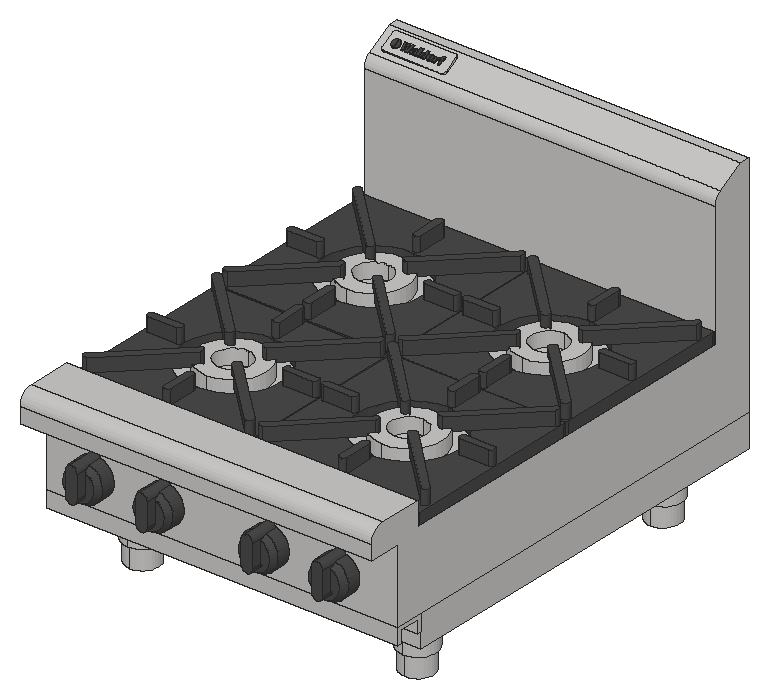
Revit family "QF_MOFFAT WALDORF_RN8400G-B", category Specialty Equipment, Revit 2012 (continued)
Automatic sketch dimensions
  Split face 6 sketch curve to Extrusion 1 = 262.866 mm
  Split face 6 sketch curve to Split face 6 sketch curve = 20 mm
  Extrusion 1 to Split face 7 sketch curve = 5.177 mm
  Split face 7 sketch curve to Extrusion 1 = 9.153 mm
  Split face 7 sketch curve to Extrusion 1 = 290.281 mm
  Split face 7 sketch curve to Split face 7 sketch curve = 20 mm
  Extrusion 1 to Split face 8 sketch curve = 5.177 mm
  Split face 8 sketch curve to Extrusion 1 = 9.153 mm
  Split face 8 sketch curve to Extrusion 1 = 283.095 mm
  Split face 8 sketch curve to Split face 8 sketch curve = 20 mm
  Extrusion 1 to Split face 9 sketch curve = 5.177 mm
  Split face 9 sketch curve to Extrusion 1 = 9.153 mm
  Split face 9 sketch curve to Extrusion 1 = 256.208 mm
  Split face 9 sketch curve to Split face 9 sketch curve = 20 mm
  Extrusion 1 to Split face 10 sketch curve = 5.177 mm
  Split face 10 sketch curve to Extrusion 1 = 9.153 mm
  Split face 10 sketch curve to Extrusion 1 = 228.529 mm
  Split face 10 sketch curve to Split face 10 sketch curve = 20 mm
  Extrusion 1 to Split face 11 sketch curve = 5.177 mm
  Split face 11 sketch curve to Extrusion 1 = 9.153 mm
  Split face 11 sketch curve to Extrusion 1 = 201.967 mm
  Split face 11 sketch curve to Split face 11 sketch curve = 20 mm
  Extrusion 1 to Split face 12 sketch curve = 5.177 mm
  Split face 12 sketch curve to Extrusion 1 = 9.153 mm
  Split face 12 sketch curve to Extrusion 1 = 175.056 mm
  Split face 12 sketch curve to Split face 12 sketch curve = 20 mm
  Extrusion 1 to Split face 13 sketch curve = 5.177 mm
  Split face 13 sketch curve to Extrusion 1 = 9.153 mm
  Split face 13 sketch curve to Extrusion 1 = 148.229 mm
  Split face 13 sketch curve to Split face 13 sketch curve = 20 mm
  Revolve 11 sketch curve to level = 0 mm
  level to Revolve 11 sketch curve = 35 mm
  Revolve 11 sketch curve to plane 5 "FRONT" = 148.25 mm
  Revolve 11 sketch curve to Revolve 11 sketch curve = 4.25 mm
  Revolve 11 sketch curve to Revolve 11 sketch curve = 27.5 mm  (x2)
  Revolve 11 sketch curve to Revolve 11 sketch curve = 15 mm
  Revolve 11 sketch curve to Revolve 11 sketch curve = 35 mm
  Revolve 11 sketch curve to Revolve 11 sketch curve = 55 mm
  Revolve 12 sketch curve to level = 0 mm
  level to Revolve 12 sketch curve = 35 mm
  Revolve 12 sketch curve to plane 5 "FRONT" = 148.25 mm
  Revolve 12 sketch curve to Revolve 12 sketch curve = 4.25 mm
  Revolve 12 sketch curve to Revolve 12 sketch curve = 27.5 mm  (x2)
  Revolve 12 sketch curve to Revolve 12 sketch curve = 55 mm
  Revolve 12 sketch curve to Revolve 12 sketch curve = 15 mm
  Revolve 12 sketch curve to Revolve 12 sketch curve = 35 mm
  Revolve 13 sketch curve to plane 5 "FRONT" = 56 mm
  Revolve 13 sketch curve to Revolve 13 sketch curve = 10 mm
  Revolve 13 sketch curve to Revolve 13 sketch curve = 21.3 mm
  Revolve 13 sketch curve to plane 5 "FRONT" = 23 mm
  Revolve 13 sketch curve to plane 5 "FRONT" = 12 mm
  Revolve 13 sketch curve to Revolve 13 sketch curve = 0 mm  (x2)
  level to Revolve 13 sketch curve = 197.105 mm
  Revolve 13 sketch curve to Revolve 13 sketch curve = 5 mm
  Revolve 13 sketch curve to Revolve 13 sketch curve = 26.651 mm
  Revolve 13 sketch curve to Revolve 13 sketch curve = 5.849 mm
  plane 11 to Extrusion 14 sketch curve = 35 mm
  Extrusion 14 sketch curve to Extrusion 14 sketch curve = 10 mm
  level to Extrusion 14 sketch curve = 185.003 mm
  Extrusion 14 sketch curve to Extrusion 14 sketch curve = 38.997 mm
  Revolve 15 sketch curve to plane 5 "FRONT" = 12 mm
  Revolve 15 sketch curve to Revolve 15 sketch curve = 0 mm  (x2)
  Revolve 15 sketch curve to Revolve 15 sketch curve = 11 mm
  Revolve 15 sketch curve to Revolve 15 sketch curve = 12.7 mm
  Revolve 15 sketch curve to Revolve 15 sketch curve = 23 mm
  Revolve 15 sketch curve to Revolve 15 sketch curve = 10 mm
  level to Revolve 15 sketch curve = 229.373 mm
  Revolve 15 sketch curve to Revolve 15 sketch curve = 5.849 mm
  Revolve 15 sketch curve to Revolve 15 sketch curve = 27.5 mm
  Revolve 15 sketch curve to Revolve 15 sketch curve = 5 mm
  plane 7 "Center Y" to Extrusion 16 sketch curve = 100 mm
  Extrusion 16 sketch curve to Extrusion 16 sketch curve = 10 mm
  level to Extrusion 16 sketch curve = 224 mm
  Extrusion 16 sketch curve to Extrusion 16 sketch curve = 39 mm
  curve 16 to curve 19 = 0 mm
  curve 16 to curve 17 = 60.449 mm
  curve 17 to curve 15 = 0 mm
  curve 18 to curve 12 = 31.449 mm
  curve 13 to curve 97 = 60.449 mm
  curve 100 to curve 37 = 25.551 mm
  curve 37 to curve 100 = 31.449 mm
  curve 101 to curve 35 = 0 mm
  curve 100 to curve 37 = 31.449 mm
  curve 101 to curve 39 = 31.449 mm
  curve 35 to curve 100 = 34.898 mm
  curve 100 to curve 36 = 25.551 mm
  curve 41 to curve 101 = 25.551 mm
  curve 39 to curve 101 = 25.551 mm
  curve 100 to curve 40 = 34.898 mm
  curve 103 to curve 32 = 25.551 mm
  curve 32 to curve 102 = 31.449 mm
  curve 103 to curve 34 = 0 mm
  curve 102 to curve 30 = 31.449 mm
  curve 103 to curve 32 = 31.449 mm
  curve 34 to curve 103 = 34.898 mm
  curve 103 to curve 33 = 25.551 mm
  curve 28 to curve 103 = 25.551 mm
  curve 30 to curve 102 = 25.551 mm
  curve 103 to curve 29 = 34.898 mm
  curve 99 to curve 19 = 0 mm
  curve 99 to curve 23 = 31.449 mm
  curve 98 to curve 21 = 31.449 mm
  curve 99 to curve 23 = 25.551 mm
  curve 20 to curve 98 = 25.551 mm
  curve 21 to curve 98 = 25.551 mm
  curve 26 to curve 98 = 0 mm
  curve 26 to curve 98 = 34.898 mm
  curve 98 to curve 24 = 25.551 mm
  curve 23 to curve 99 = 31.449 mm
  curve 99 to curve 19 = 34.898 mm
  curve 18 to curve 104 = 0 mm  (x2)
  curve 16 to curve 104 = 7.816 mm
  curve 100 to curve 106 = 0 mm  (x2)
  curve 35 to curve 106 = 7.816 mm
  curve 102 to curve 108 = 0 mm  (x2)
  curve 34 to curve 109 = 7.816 mm
  curve 98 to curve 110 = 0 mm  (x2)
  curve 26 to curve 110 = 7.816 mm
  Extrusion 1 to Extrusion 17 sketch curve = 110.5 mm
  Extrusion 17 sketch curve to Extrusion 17 sketch curve = 57 mm  (x3)
  Extrusion 1 to Extrusion 17 sketch curve = 167.5 mm
  Extrusion 1 to Extrusion 17 sketch curve = 150 mm  (x4)
  Extrusion 17 sketch curve to Extrusion 17 sketch curve = 186 mm
  Extrusion 17 sketch curve to Extrusion 1 = 224.5 mm
  Extrusion 17 sketch curve to Extrusion 17 sketch curve = 0 mm  (x8)
  Extrusion 17 sketch curve to Extrusion 17 sketch curve = 27 mm  (x3)
  curve 18 to curve 112 = 0 mm  (x2)
  curve 113 to curve 18 = 30 mm
  curve 100 to curve 114 = 0 mm  (x2)
  curve 100 to curve 115 = 27 mm
  curve 98 to curve 116 = 0 mm  (x2)
  curve 98 to curve 117 = 27 mm
  curve 102 to curve 118 = 0 mm  (x2)
  curve 102 to curve 118 = 27 mm
  radius of curve 18 = 57 mm
  radius of Extrusion 6 sketch curve = 13.5 mm
  radius of Extrusion 9 sketch curve = 84.082 mm  (x4)
  radius of Extrusion 17 sketch curve = 57 mm
  radius of Extrusion 17 sketch curve = 30 mm
Nested families
  nested 1: "WALDORF LOGO_FACE BASE" at (12.5, -21.546, 527.087) x (1, 0, 0) z (0, -0.5, 0.866), visible <- "Show Logo", type "WALDORF LOGO_FACE BASE", detail levels medium+fine
    with Show Logo yes
Connectors
  piping at (470.688, -32, 55)
    settings: on Extrusion 6, index 1, connector radius 0.37402", flow factor 0, pipe flow 0 GPM, pressure drop 0.00 psi, fitting loss kfactor 0, connector angle 0.00°, fixture units 0, engagement length 0 mm, flow configuration 1, flow direction 1, fitting loss method 0, system type 7, joint type 0, gender type 0, connector reference index -1, connector utility 0, adjustable connector no, is connector primary yes, fitting loss table "", connector description "GAS CONNECTION"
Definition of nested family "WALDORF LOGO_FACE BASE"
  Parameters (values of type "WALDORF LOGO_FACE BASE")
    Show Logo [instance] = yes
    Default Elevation = 1219.2 mm
  Reference planes
    plane 1 "Center (Front/Back)": y = 0
    plane 2: z = 0
    plane 3 "Center (Left/Right)": x = 0
  Forms (mm)
    Extrusion 1, solid
      sketch origin (0, 0, 0) x (1, 0, 0) y (0, 1, 0)
        loop
          line (-1219.2, 1219.2) -> (-1219.2, -1219.2) -> (1219.2, -1219.2) -> (1219.2, 1219.2) -> (-1219.2, 1219.2)
      from 0 to -304.8
    Extrusion 2, solid, material "QF_Finishes_Stainless Steel", visible <- "Show Logo"
      sketch origin (0, -33.217, 0) x (1, 0, 0) y (0, 1, 0)
        loop
          arc (5, 34.14) -> (1.464, 32.676) -> (0, 29.14) r 5
          line (0, 29.14) -> (0, 5)
          arc (0, 5) -> (1.464, 1.464) -> (5, 0) r 5
          line (5, 0) -> (104, 0)
          arc (104, 0) -> (107.536, 1.464) -> (109, 5) r 5
          line (109, 5) -> (109, 29.14)
          arc (109, 29.14) -> (107.536, 32.676) -> (104, 34.14) r 5
          line (104, 34.14) -> (5, 34.14)
      from 0 to 1.588
    Extrusion 3, solid, material "QF_Finishes_Black", visible <- "Show Logo"
      sketch origin (0, -33.217, 1.588) x (1, 0, 0) y (0, 1, 0)
        loop
          line (24.772, 23.214) -> (27.992, 10.301) -> (31.551, 10.301) -> (33.443, 17.364) -> (35.205, 10.301) -> (39.332, 10.301) -> (42.077, 23.214) -> (38.352, 23.214) -> (36.676, 15.33) -> (35, 23.214) -> (31.752, 23.214) -> (30.076, 15.33) -> (28.4, 23.214) -> (24.772, 23.214)
        loop
          line (42.272, 17.055) -> (45.703, 17.055)
          spline (45.703, 17.055) -> (45.741, 17.285) -> (45.852, 17.499) -> (46.028, 17.682) -> (46.258, 17.823) -> (46.526, 17.912) -> (46.813, 17.942) -> (47.1, 17.912) -> (47.368, 17.823) -> (47.597, 17.682) -> (47.774, 17.499) -> (47.884, 17.285) -> (47.922, 17.055)
          line (47.922, 17.055) -> (47.922, 16.222)
          arc (47.922, 16.222) -> (45.742, 16.014) -> (43.665, 15.317) r 9.604
          arc (43.665, 15.317) -> (41.924, 12.809) -> (43.665, 10.301) r 2.677
          arc (43.665, 10.301) -> (45.527, 10.353) -> (47.332, 10.816) r 8.365
          line (47.332, 10.816) -> (48.092, 11.105) -> (48.092, 10.301) -> (51.817, 10.301) -> (51.817, 17.055)
          spline (51.817, 17.055) -> (51.654, 17.821) -> (51.178, 18.535) -> (50.419, 19.148) -> (49.431, 19.619) -> (48.28, 19.914) -> (47.044, 20.015) -> (45.809, 19.914) -> (44.658, 19.619) -> (43.67, 19.148) -> (42.911, 18.535) -> (42.434, 17.821) -> (42.272, 17.055)
        loop
          line (53.151, 23.214) -> (53.151, 10.301) -> (57.37, 10.301) -> (57.37, 23.214) -> (53.151, 23.214)
        loop
          line (64.874, 23.214) -> (64.874, 18.857)
          arc (64.874, 18.857) -> (58.083, 15.11) -> (64.874, 11.363) r 4.429
          line (64.874, 11.363) -> (64.874, 10.301) -> (68.378, 10.301) -> (68.378, 23.214) -> (64.874, 23.214)
        loop
          arc (64.874, 16.083) -> (61.41, 14.987) -> (64.874, 13.891) r 1.905
          line (64.874, 13.891) -> (64.874, 16.083)
        loop
          circle (74.623, 15.223) r 5
        loop
          spline (74.623, 17.856) -> (74.355, 17.766) -> (74.105, 17.503) -> (73.891, 17.084) -> (73.726, 16.539) -> (73.623, 15.904) -> (73.588, 15.223) -> (73.623, 14.541) -> (73.726, 13.906) -> (73.891, 13.361) -> (74.105, 12.942) -> (74.355, 12.679) -> (74.623, 12.59)
          spline (74.623, 12.59) -> (74.891, 12.679) -> (75.141, 12.942) -> (75.355, 13.361) -> (75.52, 13.906) -> (75.623, 14.541) -> (75.659, 15.223) -> (75.623, 15.904) -> (75.52, 16.539) -> (75.355, 17.084) -> (75.141, 17.503) -> (74.891, 17.766) -> (74.623, 17.856)
        loop
          line (81.255, 19.813) -> (81.255, 10.301) -> (84.834, 10.301) -> (84.834, 14.176)
          arc (84.834, 14.176) -> (85.854, 16.093) -> (88.013, 16.32) r 2.313
          line (88.013, 16.32) -> (88.013, 19.813) -> (87.161, 19.813)
          arc (87.161, 19.813) -> (85.526, 19.266) -> (84.549, 17.844) r 2.717
          line (84.549, 17.844) -> (84.549, 19.813) -> (81.255, 19.813)
        loop
          line (90.249, 19.813) -> (88.91, 19.813) -> (88.91, 17.614) -> (90.249, 17.614) -> (90.249, 10.301) -> (93.998, 10.301) -> (93.998, 17.614) -> (95.418, 17.614) -> (95.418, 19.813) -> (93.998, 19.813)
          arc (93.998, 19.813) -> (94.414, 20.817) -> (95.418, 21.233) r 1.42
          line (95.418, 21.233) -> (95.418, 23.602) -> (93.317, 23.602)
          arc (93.317, 23.602) -> (91.343, 22.903) -> (90.249, 21.118) r 3.137
          line (90.249, 21.118) -> (90.249, 19.813)
        loop
          arc (15.241, 23.571) -> (8.392, 16.525) -> (15.241, 9.479) r 7.049
          line (15.241, 9.479) -> (15.241, 23.571)
        loop
          line (15.641, 23.571) -> (15.641, 9.479)
          arc (15.641, 9.479) -> (22.49, 16.525) -> (15.641, 23.571) r 7.049
        loop
          arc (47.922, 14.711) -> (46.266, 13.749) -> (47.922, 12.787) r 1.107
          line (47.922, 12.787) -> (47.922, 14.711)
      from 0 to 0.2
  Dimensions and locks
    aligned and locked: plane 2 to Extrusion 1
    aligned and locked: level to Extrusion 1
